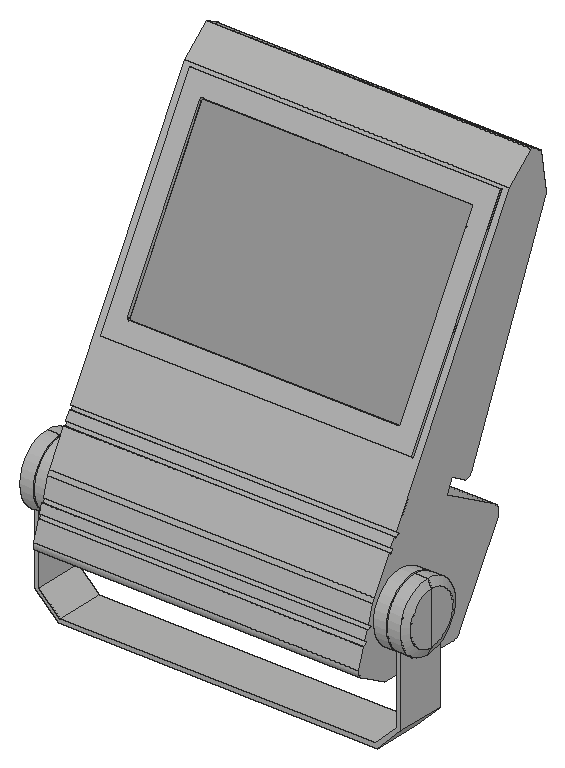
Revit family "0048017 Sylvania Lighting Fixture SYLVEO RGBW IP66", category Lighting Fixtures, host Face, Revit 2016
Family settings
  Host = Face
  Part Type = Normal
  Round Connector Dimension = Use Diameter
  OmniClass Number = 23.80.70.00
  OmniClass Title = Lighting
  Cut with Voids When Loaded = No
  Light Source = No
  Shared = No
  Room Calculation Point = No
Parameters (values of type "0048017 SYLVEO RGBW IP66 100W ASYM SIL")
  WidthCylinder_SYL = if([30/50W_SYL], 13.4 mm, if([100W_SYL], 13.4 mm, 15 mm))  # 13.4 mm
  WidthBracketIn_SYL = if([30/50W_SYL], 224 mm, if([100W_SYL], 273 mm, 490 mm))  # 273 mm
  Weight = "15.9 kg"
  Wattage Comments = ""
  WarrantyStartDate [instance] = "n/a"
  WarrantyGuarantorParts = "n/a"
  WarrantyDurationUnit = "n/a"
  WarrantyDurationParts = "n/a"
  WarrantyDescription = "n/a"
  Voltage = 0 V
  URL = "http://www.sylvania-lighting.com"
  TypeName = "Sylveo RGBW IP66 100W ASYM SIL"
  Type Image = <None>
  Type Comments = "n/a"
  ThicknessBracket_SYL = if([30/50W_SYL], 2.7 mm, if([100W_SYL], 3.2 mm, 3.8 mm))  # 3.2 mm
  SerialNumber [instance] = "n/a"
  RotationAngle_SYL [instance] = 30.00°
  DiameterCylinder_SYL = if([30/50W_SYL], 49 mm, if([100W_SYL], 52 mm, 62.7 mm))  # 52 mm
  ChamferBracket_SYL = if([30/50W_SYL], 15 mm, if([100W_SYL], 18 mm, 22 mm))  # 18 mm
  PowerFactor = 0
  PowerConsumption = "n/a"
  NominalLength = 0 mm
  NominalHeight = 0 mm
  NominalDepth = 0 mm
  Name = "Sylveo RGBW IP66 100W ASYM SIL"
  ModelReference = Name  # "Sylveo RGBW IP66 100W ASYM SIL"
  ModelNumber = "0048017"
  Model = Name  # "Sylveo RGBW IP66 100W ASYM SIL"
  Material = "n/a"
  ManufacturerName = "Feilo Sylvania"
  Manufacturer = "Feilo Sylvania"
  LuminousEfficacy = "48.453 lm/W"
  LuminaireType = ""
  LightOutputRatio = "n/a"
  LampsType = Lamp  # "LED"
  LampNominalLuminous = "n/a"
  LampMacAdamStep = "n/a"
  LampColourTemperature = "n/a"
  LampColourRenderingIndex = "n/a"
  Lamp = "LED"
  Keynote = "16500"
  InstallationDate [instance] = "n/a"
  InputVoltage = "100-240V~"
  InputNominalFrequency = "50/60 Hz"
  IngressProtection = "IP66"
  ImpactProtectionIndex = "IK08"
  IfcExportType = "IfcLightFixtureType"
  IfcExportAs = "IfcLightFixtureType"
  AxisHeightBracket_SYL = if([30/50W_SYL], 98.6 mm, if([100W_SYL], 90 mm, 110 mm))  # 90 mm
  ExpectedLife = 50000
  EndAngle_SYL [instance] = RotationAngle_SYL + 180.00°  # 210.00°
  ElectricShockClassification = "Class I"
  DurationUnit = "hours"
  DocumentationLiterature = "http://www.sylvania-lighting.com/product/en-int/products/0048017"
  DimmingControlOptions = "n/a"
  Description = ""
  DepthBracket_SYL = if([30/50W_SYL], 34 mm, if([100W_SYL], 37.1 mm, 48 mm))  # 37.1 mm
  Default Elevation = 1219.2 mm
  CreatedOn = "12/21/2018"
  CreatedBy = "@sylvania-lighting.com"
  Cost = 0
  built-in parameter 1114216 [instance] = (empty or 0)
  ClassificationValue = "EF_70_80"
  ClassificationName = "Uniclass2015"
  Material_1_SYL = Body-Sylvania-Sylveo-RAL9006
  BarCode [instance] = "n/a"
  AssetType = "Fixed"
  AssetIdentifier [instance] = "n/a"
  Assembly Code = "D5020200"
  Apparent Load = 100.2 VA
  100W_SYL = yes
  30/50W_SYL = no
Reference planes
  plane 1 "Center (Front/Back)": y = 0
  plane 2: z = 0
  plane 3 "Center (Left/Right)": x = 0
  plane 4: x = -139.7
  plane 5: x = 139.7
  plane 6: z = 90
  plane 7: x = -136.5
  plane 8: x = 136.5
  plane 9: z = 3.2
  plane 10: y = 18.55
  plane 11: y = -18.55
  plane 12: x = -121.7
  plane 13: z = 18
  plane 14: x = 121.7
  plane 15: x = -134.5
  plane 16: x = 134.5
  plane 17: x = -147.9
  plane 18: x = 147.9
  plane 19: z = 116
  plane 20: z = 64
  plane 21: x = -144.9
  plane 22: z = 70
  plane 23: z = 110
  plane 24: x = 144.9
Forms (mm)
  Revolve 1, solid, not visible
    sketch origin (0, 0, 0) x (1, 0, 0) y (0, 0, 1)
      loop
        line (0, 90) -> (0, 107) -> (-12.336, 107) -> (-12.336, 90) -> (0, 90)
      axis (0, 90) -> (-12.336, 90)
    angle from 30 <- "RotationAngle_SYL" to 210 <- "EndAngle_SYL"
  Extrusion 2, solid, material "Body-Sylvania-Sylveo-RAL9006" <- "Material_1_SYL"
    sketch origin (0, 0, 0) x (1, 0, 0) y (0, 0, 1)
      loop
        line (-139.7, 90) -> (-139.7, 18) -> (-121.7, 0) -> (121.7, 0) -> (139.7, 18) -> (139.7, 90) -> (136.5, 90) -> (136.5, 19.118) -> (120.582, 3.2) -> (-120.582, 3.2) -> (-136.5, 19.118) -> (-136.5, 90) -> (-139.7, 90)
    from -18.55 to 18.55
  Revolve 3, solid, material "Body-Sylvania-Sylveo-RAL9006" <- "Material_1_SYL"
    sketch origin (0, 0, 0) x (1, 0, 0) y (0, 0, 1)
      loop
        line (-147.9, 90) -> (-134.5, 90) -> (-134.5, 116) -> (-144.9, 116) -> (-147.9, 110) -> (-147.9, 90)
      loop
        line (147.9, 90) -> (147.9, 110) -> (144.9, 116) -> (134.5, 116) -> (134.5, 90) -> (147.9, 90)
      axis (147.9, 90) -> (-147.9, 90)
    angle from 360 to 0
Lines and regions (mm)
  reference lines
    curve 1: line (-121.7, 0, 0) -> (-139.7, 0, 18)
    curve 2: line (-136.5, 0, 19.325) -> (-120.375, 0, 3.2)
    curve 3: line (139.7, 0, 18) -> (121.7, 0, 0)
    curve 4: line (120.375, 0, 3.2) -> (136.5, 0, 19.325)
Dimensions and locks
  equal spacing: plane 8, plane 3 "Center (Left/Right)", plane 7
  "WidthBracketIn_SYL": plane 8 to plane 7
  "ThicknessBracket_SYL": plane 7 to plane 4
  "ThicknessBracket_SYL": plane 5 to plane 8
  "ThicknessBracket_SYL": plane 9 to plane 2
  equal spacing: plane 11, plane 1 "Center (Front/Back)", plane 10
  "DepthBracket_SYL": plane 11 to plane 10
  "AxisHeightBracket_SYL": plane 6 to plane 2
  "ChamferBracket_SYL": plane 13 to plane 2
  equal spacing: plane 14, plane 3 "Center (Left/Right)", plane 12
  "ChamferBracket_SYL": plane 12 to plane 4
  "ThicknessBracket_SYL": curve 2 to curve 1
  "ThicknessBracket_SYL": curve 4 to curve 3
  equal spacing: plane 16, plane 3 "Center (Left/Right)", plane 15
  locked: plane 15 to plane 7 at 2
  equal spacing: plane 18, plane 3 "Center (Left/Right)", plane 17
  "WidthCylinder_SYL": plane 15 to plane 17
  equal spacing: plane 19, plane 6, plane 20
  "DiameterCylinder_SYL": plane 19 to plane 20
  equal spacing: plane 23, plane 6, plane 22
  locked: plane 22 to plane 20 at 6
  equal spacing: plane 24, plane 3 "Center (Left/Right)", plane 21
  locked: plane 21 to plane 17 at 3
  aligned and locked: plane 2 to host face
  aligned and locked: level to host face
  aligned and locked: Revolve 1 sketch curve to plane 6  (x2)
  aligned and locked: Revolve 1 sketch curve to plane 3 "Center (Left/Right)"
  aligned and locked: plane 13 to curve 1
  aligned and locked: plane 4 to curve 1
  aligned and locked: plane 2 to curve 1
  aligned and locked: plane 7 to curve 2
  aligned and locked: plane 9 to curve 2
  aligned and locked: plane 5 to curve 3
  aligned and locked: plane 13 to curve 3
  aligned and locked: plane 14 to curve 3
  aligned and locked: plane 2 to curve 3
  aligned and locked: plane 8 to curve 4
  aligned and locked: plane 9 to curve 4
  aligned and locked: plane 4 to Extrusion 2 sketch curve
  aligned and locked: Extrusion 2 sketch curve to plane 7
  aligned and locked: plane 6 to Extrusion 2 sketch curve  (x2)
  aligned and locked: plane 13 to Extrusion 2 sketch curve
  aligned and locked: plane 9 to Extrusion 2 sketch curve
  aligned and locked: plane 2 to Extrusion 2 sketch curve
  aligned and locked: plane 12 to Extrusion 2 sketch curve
  aligned and locked: Extrusion 2 sketch curve to curve 1
  aligned and locked: Extrusion 2 sketch curve to curve 3
  aligned and locked: plane 5 to Extrusion 2 sketch curve
  aligned and locked: plane 14 to Extrusion 2 sketch curve
  aligned and locked: Extrusion 2 sketch curve to plane 5
  aligned and locked: plane 8 to Extrusion 2 sketch curve
  aligned and locked: Extrusion 2 to plane 10
  aligned and locked: plane 11 to Extrusion 2
  aligned and locked: Revolve 3 sketch curve to plane 6  (x2)
  aligned and locked: plane 17 to Revolve 3 sketch curve  (x2)
  aligned and locked: plane 19 to Revolve 3 sketch curve  (x2)
  aligned and locked: Revolve 3 sketch curve to plane 15
  aligned and locked: plane 23 to Revolve 3 sketch curve  (x2)
  aligned and locked: plane 21 to Revolve 3 sketch curve
  aligned and locked: Revolve 3 sketch curve to plane 16
  aligned and locked: plane 18 to Revolve 3 sketch curve
  aligned and locked: plane 24 to Revolve 3 sketch curve
  aligned and locked: plane 6 to Revolve 3 sketch curve  (x2)
  aligned and locked: plane 3 "Center (Left/Right)" to nested 1
Automatic sketch dimensions
  host sketch curve to host sketch curve = 2438.4 mm  (x2)
  Revolve 1 sketch curve to plane 3 "Center (Left/Right)" = 12.336 mm
  Revolve 1 sketch curve to plane 4 = 1122.5 mm
  plane 5 to Revolve 1 sketch curve = 1130.9 mm
  Revolve 1 sketch curve to Revolve 1 sketch curve = 17 mm
  curve 1 to plane 12 = 0 mm
  plane 12 to Extrusion 2 sketch curve = 1.118 mm
  Extrusion 2 sketch curve to plane 14 = 1.118 mm
  Extrusion 2 sketch curve to plane 13 = 1.118 mm  (x2)
  Revolve 3 sketch curve to Revolve 3 sketch curve = 957 mm
  plane 18 to Revolve 3 sketch curve = 965.4 mm
Nested families
  nested 1: "0048017 Head" at (0, 0, 90) x (1, 0, 0) z (0, -0.866, 0.5), type "Type Name"
    with built-in parameter 1114216 (empty or 0)
Connectors
  electrical at (0, 0, 0), driven by "Apparent Load", driven by "PowerFactor", driven by "Voltage"
    settings: index 1, voltage 0 V, apparent load 100.2 VA, apparent load phase1 0 VA, apparent load phase2 0 VA, apparent load phase3 0 VA, power factor 0, load classification "Lighting", number of poles 1, system type 30, power factor state 1, is connector primary yes, connector utility no, sub classification motor no, connector description ""
Definition of nested family "0048017 Head"
  Parameters (values of type "Type Name")
    WidthScreen_SYL = 237 mm
    WidthBody_SYL = 248 mm
    Wattage Comments = "n/a"
    Wattage = 100.2 W
    built-in parameter 1150110 = 1 (stored number, unit not read)
    URL = "http://www.sylvania-lighting.com"
    Type Image = (empty or 0)
    Type Comments = "n/a"
    built-in parameter 1114217 = 1 (stored number, unit not read)
    Tilt Angle = -90.00°
    built-in parameter 1150109 = 1 (stored number, unit not read)
    built-in parameter 1150134 = 12
    built-in parameter 1150113 = 1 (stored number, unit not read)
    Photometric Web File = "0048017.ies"
    Material_3_SYL = none
    Model = ""
    Manufacturer = "Feilo Sylvania"
    built-in parameter 1150105 = 2868.2 (stored number, unit not read)
    Lumens = 4854.69 lm
    built-in parameter 1150115 = 1 (stored number, unit not read)
    built-in parameter 1150137 = (empty or 0)
    built-in parameter 1150139 = (empty or 0)
    built-in parameter 1150112 = 1 (stored number, unit not read)
    built-in parameter 1150114 = 1 (stored number, unit not read)
    Lamp = "LED"
    Keynote = "16500"
    Material_2_SYL = none
    built-in parameter 1150132 = (empty or 0)
    built-in parameter 1150102 = (empty or 0)
    built-in parameter 1150107 = 4000 (stored number, unit not read)
    built-in parameter 1150138 = (empty or 0)
    built-in parameter 1150106 = 28.682 (stored number, unit not read)
    Emit from Rectangle Width = 208 mm  # constant formula
    Emit from Rectangle Length = 140 mm  # constant formula
    Emit Shape Visible in Rendering = no
    built-in parameter 1150104 = 4.5012 (stored number, unit not read)
    Dimming Lamp Color Temperature Shift = (empty or 0)
    Description = ""
    Default Elevation = 1219.2 mm
    Cost = 0
    Color Filter = 16777215
    built-in parameter 1114216 [instance] = (empty or 0)
    Material_1_SYL = none
    built-in parameter 1114218 = 1 (stored number, unit not read)
    built-in parameter 1150133 = 10 (stored number, unit not read)
    Assembly Code = "D5020200"
    Apparent Load = 100.2 VA
    Material_4_SYL = none
  Reference planes
    plane 1 "Center (Front/Back)": y = 0
    plane 2: z = 0
    plane 3 "Center (Left/Right)": x = 0
    plane 4: z = 29
    plane 5: y = -47
    plane 6: y = 286
    plane 7: y = -13
    plane 8: y = 71
    plane 9: y = 82
    plane 10: z = -70
    plane 11: z = -65.1
    plane 12: z = -28
    plane 13: z = -10
    plane 14: y = 260
    plane 15: z = 19.6
    plane 16: z = 10
    plane 17: x = 124
    plane 18: x = -124
    plane 19: y = 30
    plane 20: y = 40
    plane 21: y = -15
    plane 22: x = -118.5
    plane 23: x = 118.5
    plane 24: y = 88.3
    plane 25: x = -104
    plane 26: x = 104
    plane 27: y = 102.8
    plane 28: z = 30.3
    plane 29: y = 257.3
    plane 30: y = 242.8
    plane 31: z = 27.5
    plane 32: x = -134.5
    plane 33: x = 134.5
    plane 34: y = 172.8
  Forms (mm)
    Extrusion 1, solid
      sketch origin (4.2, 0, 0) x (1, 0, 0) y (0, 1, 0)
        loop
          line (-1219.2, 1219.2) -> (-1219.2, -1219.2) -> (1219.2, -1219.2) -> (1219.2, 1219.2) -> (-1219.2, 1219.2)
      from 0 to -68.017
    Extrusion 2, solid, material <- "Material_1_SYL"
      sketch origin (0, 0, 0) x (0, 1, 0) y (0, 0, 1)
        loop
          line (260, 29) -> (1.98, 29)
          arc (1.98, 29) -> (0.01, 28.903) -> (-1.942, 28.612) r 20
          line (-1.942, 28.612) -> (-42.981, 20.404)
          arc (-42.981, 20.404) -> (-45.867, 18.671) -> (-47, 15.501) r 5
          line (-47, 15.501) -> (-47, -10) -> (-15.011, -66.451)
          arc (-15.011, -66.451) -> (-12.445, -69.048) -> (-8.921, -70) r 7
          line (-8.921, -70) -> (64, -70)
          arc (64, -70) -> (68.95, -67.95) -> (71, -63) r 7
          line (71, -63) -> (71, -10) -> (82, -10) -> (82, -23.575)
          arc (82, -23.575) -> (83.318, -26.542) -> (86.402, -27.555) r 4
          line (86.402, -27.555) -> (258.583, -10.143)
          arc (258.583, -10.143) -> (259.927, -9.815) -> (261.129, -9.132) r 5
          line (261.129, -9.132) -> (285.613, 9.7)
          arc (285.613, 9.7) -> (285.898, 10.05) -> (286, 10.49) r 1
          line (286, 10.49) -> (286, 18.889)
          arc (286, 18.889) -> (285.815, 19.468) -> (285.328, 19.833) r 1
          line (285.328, 19.833) -> (260, 29)
      from -124 to 124
    Extrusion 3, void
      sketch origin (0, 0, 0) x (0, 1, 0) y (0, 0, 1)
        loop
          line (43.2, 26.8) -> (43.2, 29) -> (40, 29) -> (40, 26.8) -> (43.2, 26.8)
        loop
          line (33.2, 29) -> (30, 29) -> (30, 26.8) -> (33.2, 26.8) -> (33.2, 29)
        loop
          line (-15, 24) -> (-15, 29) -> (-18.2, 29) -> (-18.2, 24) -> (-15, 24)
        loop
          line (-28.2, 29) -> (-28.2, 22.3) -> (-25, 22.3) -> (-25, 29) -> (-28.2, 29)
      from -124 to 124
    Extrusion 4, solid, material <- "Material_1_SYL"
      sketch origin (0, 1219.2, 29) x (1, 0, 0) y (0, -1, 0)
        loop
          line (-118.5, 961.9) -> (118.5, 961.9) -> (118.5, 1130.9) -> (-118.5, 1130.9) -> (-118.5, 961.9)
      from 0 to -1.3
    Extrusion 5, void
      sketch origin (0, 1219.2, 30.3) x (0, -1, 0) y (1, 0, 0)
        loop
          arc (976.4, -102.4) -> (976.869, -103.531) -> (978, -104) r 1.6
          line (978, -104) -> (1114.8, -104)
          arc (1114.8, -104) -> (1115.931, -103.531) -> (1116.4, -102.4) r 1.6
          line (1116.4, -102.4) -> (1116.4, 102.4)
          arc (1116.4, 102.4) -> (1115.931, 103.531) -> (1114.8, 104) r 1.6
          line (1114.8, 104) -> (978, 104)
          arc (978, 104) -> (976.869, 103.531) -> (976.4, 102.4) r 1.6
          line (976.4, 102.4) -> (976.4, -102.4)
      from 0 to -10.7
    Extrusion 6, solid, material <- "Material_2_SYL"
      sketch origin (0, 1219.2, 29) x (1, 0, 0) y (0, -1, 0)
        loop
          line (-104, 1114.8) -> (-104, 978)
          arc (-104, 978) -> (-103.531, 976.869) -> (-102.4, 976.4) r 1.6
          line (-102.4, 976.4) -> (102.4, 976.4)
          arc (102.4, 976.4) -> (103.531, 976.869) -> (104, 978) r 1.6
          line (104, 978) -> (104, 1114.8)
          arc (104, 1114.8) -> (103.531, 1115.931) -> (102.4, 1116.4) r 1.6
          line (102.4, 1116.4) -> (-102.4, 1116.4)
          arc (-102.4, 1116.4) -> (-103.531, 1115.931) -> (-104, 1114.8) r 1.6
      from 0 to 1.5
    Extrusion 7, solid, material <- "Material_1_SYL"
      sketch origin (0, 0, 0) x (0, 1, 0) y (0, 0, 1)
        loop
          circle (0, 0) r 26
      from -134.5 to 134.5
  Cuts and joins
    Extrusion 3, Extrusion 5 cuts Extrusion 2
    joined: Extrusion 2, Extrusion 7
    Extrusion 5 cuts Extrusion 4
  Lines and regions (mm)
    reference lines
      curve 1: line (0, 40, 29) -> (0, 43.2, 29)
      curve 2: line (0, 40, 26.8) -> (0, 40, 29)
      curve 3: line (0, 43.2, 26.8) -> (0, 40, 26.8)
      curve 4: line (0, 43.2, 29) -> (0, 43.2, 26.8)
      curve 5: line (0, 30, 29) -> (0, 33.2, 29)
      curve 6: line (0, 30, 26.8) -> (0, 30, 29)
      curve 7: line (0, 33.2, 26.8) -> (0, 30, 26.8)
      curve 8: line (0, 33.2, 29) -> (0, 33.2, 26.8)
      curve 9: line (0, -18.2, 29) -> (0, -15, 29)
      curve 10: line (0, -18.2, 24) -> (0, -18.2, 29)
      curve 11: line (0, -15, 24) -> (0, -18.2, 24)
      curve 12: line (0, -15, 29) -> (0, -15, 24)
      curve 13: line (0, -28.2, 29) -> (0, -25, 29)
      curve 14: line (0, -28.2, 22.3) -> (0, -28.2, 29)
      curve 15: line (0, -25, 22.3) -> (0, -28.2, 22.3)
      curve 16: line (0, -25, 29) -> (0, -25, 22.3)
      curve 17: circle (0, 0, 0) r 26 normal (1, 0, 0)
  Dimensions and locks
    equal spacing: plane 18, plane 3 "Center (Left/Right)", plane 17
    "WidthBody_SYL": plane 18 to plane 17
    locked: curve 1 to curve 3 at 2.2
    locked: curve 4 to curve 2 at 3.2
    locked: curve 5 to curve 7 at 2.2
    locked: curve 8 to curve 6 at 3.2
    locked: curve 12 to curve 10 at 3.2
    locked: curve 16 to curve 14 at 3.2
    locked: curve 11 to curve 9 at 5
    locked: curve 15 to curve 13 at 6.7
    equal spacing: plane 22, plane 3 "Center (Left/Right)", plane 23
    "WidthScreen_SYL": plane 22 to plane 23
    locked: plane 24 to plane 29 at 169
    locked: plane 24 to plane 27 at 14.5
    locked: plane 30 to plane 29 at 14.5
    equal spacing: plane 25, plane 3 "Center (Left/Right)", plane 26
    locked: plane 22 to plane 25 at 14.5
    equal spacing: plane 32, plane 3 "Center (Left/Right)", plane 33
    locked: plane 32 to plane 18 at 10.5
    locked: plane 1 "Center (Front/Back)" to plane 6 at 286
    locked: plane 1 "Center (Front/Back)" to plane 24 at 88.3
    plane 1 "Center (Front/Back)" to plane 14 = 260 mm
    locked: plane 5 to plane 1 "Center (Front/Back)" at 47
    locked: plane 2 to plane 10 at 70
    locked: plane 2 to plane 13 at 10
    locked: plane 7 to plane 1 "Center (Front/Back)" at 13
    plane 1 "Center (Front/Back)" to plane 8 = 71 mm
    locked: plane 8 to plane 9 at 11
    locked: plane 2 to plane 12 at 28
    locked: plane 16 to plane 2 at 10
    locked: plane 31 to plane 4 at 1.5
    locked: plane 4 to plane 28 at 1.3
    locked: plane 4 to plane 2 at 29
    plane 15 to plane 2 = 19.6 mm
    locked: plane 21 to plane 1 "Center (Front/Back)" at 15
    locked: curve 16 to plane 21 at 10
    plane 1 "Center (Front/Back)" to plane 19 = 30 mm
    plane 19 to plane 20 = 10 mm
    equal spacing: plane 27, plane 34, plane 30
    radius of Extrusion 5 sketch curve = 1.6 mm  (x4)
    radius of curve 17 = 26 mm
    aligned and locked: plane 2 to Extrusion 1
    aligned and locked: level to Extrusion 1
    aligned and locked: plane 17 to Extrusion 2
    aligned and locked: Extrusion 2 to plane 18
    aligned and locked: plane 4 to curve 5
    aligned and locked: plane 19 to curve 6
    aligned and locked: plane 20 to curve 2
    aligned and locked: plane 4 to curve 1
    aligned and locked: plane 4 to curve 9
    aligned and locked: plane 21 to curve 12
    aligned and locked: Extrusion 3 sketch curve to curve 3
    aligned and locked: Extrusion 3 sketch curve to curve 2
    aligned and locked: Extrusion 3 sketch curve to curve 1
    aligned and locked: Extrusion 3 sketch curve to curve 4
    aligned and locked: Extrusion 3 sketch curve to curve 8
    aligned and locked: Extrusion 3 sketch curve to curve 7
    aligned and locked: Extrusion 3 sketch curve to curve 6
    aligned and locked: Extrusion 3 sketch curve to curve 5
    aligned and locked: Extrusion 3 sketch curve to curve 11
    aligned and locked: Extrusion 3 sketch curve to curve 10
    aligned and locked: Extrusion 3 sketch curve to curve 9
    aligned and locked: Extrusion 3 sketch curve to curve 12
    aligned and locked: Extrusion 3 sketch curve to curve 13
    aligned and locked: Extrusion 3 sketch curve to curve 16
    aligned and locked: Extrusion 3 sketch curve to curve 15
    aligned and locked: Extrusion 3 sketch curve to curve 14
    aligned and locked: Extrusion 2 to Extrusion 3  (x2)
    aligned and locked: Extrusion 4 sketch curve to plane 29
    aligned and locked: Extrusion 4 sketch curve to plane 22
    aligned and locked: plane 23 to Extrusion 4 sketch curve  (x2)
    aligned and locked: Extrusion 4 to plane 28
    aligned and locked: plane 4 to Extrusion 4
    aligned and locked: plane 30 to Extrusion 5 sketch curve
    aligned and locked: plane 25 to Extrusion 5 sketch curve
    aligned and locked: Extrusion 5 sketch curve to plane 27
    aligned and locked: Extrusion 5 sketch curve to plane 26
    aligned and locked: plane 15 to Extrusion 5
    aligned and locked: plane 24 to Extrusion 4 sketch curve  (x2)
    aligned and locked: Extrusion 6 sketch curve to cut or joined group of Extrusion 4, Extrusion 5  (x4)
    aligned and locked: plane 31 to Extrusion 6
    aligned and locked: Extrusion 6 to plane 4
    aligned and locked: plane 1 "Center (Front/Back)" to curve 17
    aligned and locked: plane 2 to curve 17
    aligned and locked: Extrusion 7 sketch curve to curve 17
    aligned and locked: plane 33 to Extrusion 7
    aligned and locked: Extrusion 7 to plane 32
    aligned and locked: plane 9 to Extrusion 2 sketch curve
    aligned and locked: Extrusion 2 sketch curve to plane 4
    aligned and locked: imposter light to plane 4
    aligned and locked: plane 3 "Center (Left/Right)" to imposter light
    aligned and locked: plane 34 to imposter light
  Automatic sketch dimensions
    Extrusion 1 sketch curve to Extrusion 1 sketch curve = 2438.4 mm  (x2)
    plane 4 to curve 13 = 0 mm
    Extrusion 2 sketch curve to plane 5 = 0 mm
    plane 10 to Extrusion 2 sketch curve = 0 mm
    Extrusion 2 sketch curve to plane 8 = 0 mm
    Extrusion 2 sketch curve to plane 14 = 0 mm
    Extrusion 2 sketch curve to plane 6 = 0 mm
    plane 13 to Extrusion 2 sketch curve = 0 mm  (x2)
    Extrusion 2 sketch curve to plane 15 = 0.804 mm
    Extrusion 2 sketch curve to plane 5 = 4.019 mm
    plane 15 to Extrusion 2 sketch curve = 4.099 mm
    plane 21 to Extrusion 2 sketch curve = 0.011 mm
    Extrusion 2 sketch curve to plane 11 = 2.1 mm
    Extrusion 2 sketch curve to Extrusion 2 sketch curve = 6.09 mm
    plane 4 to Extrusion 2 sketch curve = 0.388 mm
    plane 1 "Center (Front/Back)" to Extrusion 2 sketch curve = 1.942 mm
    Extrusion 2 sketch curve to plane 1 "Center (Front/Back)" = 1.98 mm
    plane 8 to Extrusion 2 sketch curve = 7 mm
    plane 24 to Extrusion 2 sketch curve = 2.3 mm
    Extrusion 2 sketch curve to plane 12 = 0.445 mm
    plane 24 to Extrusion 2 sketch curve = 1.898 mm
    Extrusion 2 sketch curve to plane 29 = 0.78 mm
    plane 13 to Extrusion 2 sketch curve = 0.143 mm
    Extrusion 2 sketch curve to plane 29 = 1.283 mm
    Extrusion 2 sketch curve to plane 13 = 0.868 mm
    Extrusion 2 sketch curve to plane 14 = 1.129 mm
    Extrusion 2 sketch curve to plane 16 = 0.49 mm
    plane 6 to Extrusion 2 sketch curve = 1 mm  (x2)
    Extrusion 2 sketch curve to plane 15 = 0.233 mm
    plane 6 to Extrusion 2 sketch curve = 0.672 mm
    plane 16 to Extrusion 2 sketch curve = 0.3 mm
    plane 30 to Extrusion 5 sketch curve = 0 mm
